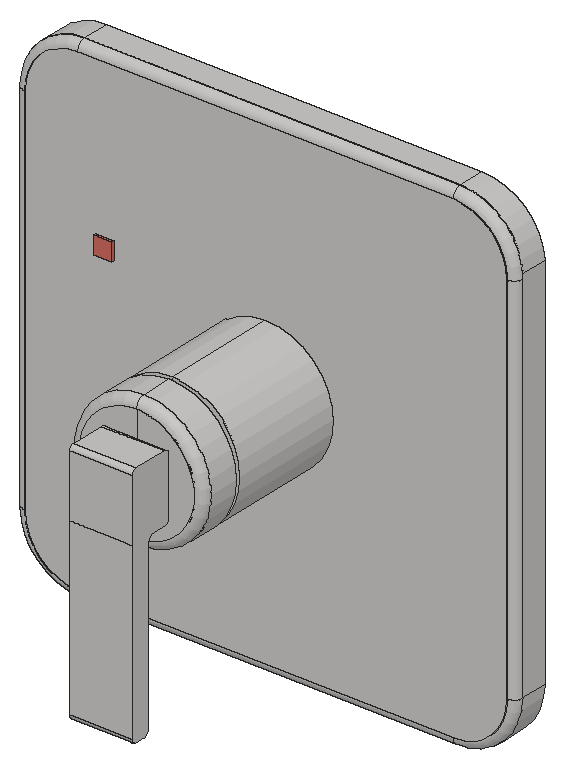
Revit family "CDCPT25003", category Plumbing Fixtures, Revit 2023
Family settings
  Round Connector Dimension = Use Diameter
  Part Type = Normal
  OmniClass Number = 23.45.00.00
  OmniClass Title = Sanitary, Laundry, and Cleaning Equipment
  Work Plane-Based = No
  Enable Cutting in Views = No
  Always vertical = Yes
  Cut with Voids When Loaded = No
  Maintain Annotation Orientation = No
  Shared = No
  Room Calculation Point = No
Parameters
  Default Elevation = 0"
Reference planes (in)
  plane 1 "Center (Front/Back)": y = 0
  plane 2: z = 0
  plane 3 "Center (Left/Right)": x = 0
  plane 4: z = 0
  plane 5: z = 7
  plane 6 "Center L/S": x = -3.5
  plane 7 "Center L/T": x = 3.5
  plane 8 "Center L/U": y = -3.375
  plane 9 "Center L/V": y = -0.5
  plane 10 "Center L/W": y = -2.75
  plane 11: z = 3.5
  plane 12: z = 4.4375
  plane 13: z = 2.5625
  plane 14: z = 3.96875
  plane 15: z = 3.03125
  plane 16: z = 0.53125
  plane 17: x = -0.4375
  plane 18: x = 0.4375
Forms (in)
  Extrusion 1, solid, material "stainless steel"
    sketch origin (0, 0, 0) x (1, 0, 0) y (0, 0, 1)
      loop
        line (2.625, 7) -> (-2.625, 7)
        arc (-2.625, 7) -> (-3.24372, 6.74372) -> (-3.5, 6.125) r 0.875
        line (-3.5, 6.125) -> (-3.5, 0.875)
        arc (-3.5, 0.875) -> (-3.24372, 0.25628) -> (-2.625, 0) r 0.875
        line (-2.625, 0) -> (2.62294, 0)
        arc (2.62294, 0) -> (3.24166, 0.25628) -> (3.49794, 0.875) r 0.875
        line (3.49794, 0.875) -> (3.49794, 6.18597)
        arc (3.49794, 6.18597) -> (3.22008, 6.76308) -> (2.625, 7) r 0.88199
    from 0 to 0.37706
  Revolve 2, solid, material "stainless steel"
    sketch origin (0, 0, 0) x (0, 1, 0) y (0, 0, 1)
      loop
        line (-0.50008, 3.5) -> (-0.50008, 4.4375) -> (-2.11787, 4.4375) -> (-2.11787, 4.24148) -> (-2.18905, 4.24148) -> (-2.18905, 4.4375) -> (-2.62083, 4.4375)
        arc (-2.62083, 4.4375) -> (-2.71217, 4.39967) -> (-2.75, 4.30833) r 0.12917
        line (-2.75, 4.30833) -> (-2.75, 3.5) -> (-0.50008, 3.5)
      axis (-2.75, 3.5) -> (-0.50008, 3.5)
    angle from 0 to 360
  Extrusion 3, solid, material "stainless steel"
    sketch origin (0, 0, 0) x (0, 1, 0) y (0, 0, 1)
      loop
        line (-2.81542, 3.96875) -> (-3.30958, 3.96875)
        arc (-3.30958, 3.96875) -> (-3.35584, 3.94959) -> (-3.375, 3.90333) r 0.06542
        line (-3.375, 3.90333) -> (-3.375, 3.03125) -> (-3.375, 0.59667)
        arc (-3.375, 0.59667) -> (-3.35584, 0.55041) -> (-3.30958, 0.53125) r 0.06542
        line (-3.30958, 0.53125) -> (-3.18025, 0.53125)
        arc (-3.18025, 0.53125) -> (-3.13399, 0.55041) -> (-3.11483, 0.59667) r 0.06542
        line (-3.11483, 0.59667) -> (-3.11483, 2.89532)
        arc (-3.11483, 2.89532) -> (-3.07502, 2.99144) -> (-2.9789, 3.03125) r 0.13593
        line (-2.9789, 3.03125) -> (-2.81542, 3.03125)
        arc (-2.81542, 3.03125) -> (-2.76916, 3.05041) -> (-2.75, 3.09667) r 0.06542
        line (-2.75, 3.09667) -> (-2.75, 3.90333)
        arc (-2.75, 3.90333) -> (-2.76916, 3.94959) -> (-2.81542, 3.96875) r 0.06542
    from -0.4375 to 0.4375
  Extrusion 4, solid, material "red"
    sketch origin (0, 0, 0) x (1, 0, 0) y (0, 0, 1)
      loop
        line (-2.37739, 4.4375) -> (-2.12739, 4.4375) -> (-2.12739, 4.6875) -> (-2.37739, 4.6875) -> (-2.37739, 4.4375)
    from 0 to 0.52891
  Extrusion 5, solid, material "blue"
    sketch origin (0, 0, 7) x (1, 0, 0) y (0, 0, 1)
      loop
        line (-2.37739, -4.4375) -> (-2.37739, -4.6875) -> (-2.12739, -4.6875) -> (-2.12739, -4.4375) -> (-2.37739, -4.4375)
    from 0 to 0.51929
  Extrusion 6, solid, material "stainless steel"
    sketch origin (0, -0.37706, 0) x (1, 0, 0) y (0, 0, 1)
      loop
        arc (-2.625, 6.875) -> (-3.15533, 6.65533) -> (-3.375, 6.125) r 0.75
        line (-3.375, 6.125) -> (-3.375, 0.875)
        arc (-3.375, 0.875) -> (-3.15533, 0.34467) -> (-2.625, 0.125) r 0.75
        line (-2.625, 0.125) -> (2.625, 0.125)
        arc (2.625, 0.125) -> (3.15533, 0.34467) -> (3.375, 0.875) r 0.75
        line (3.375, 0.875) -> (3.375, 6.125)
        arc (3.375, 6.125) -> (3.15533, 6.65533) -> (2.625, 6.875) r 0.75
        line (2.625, 6.875) -> (-2.625, 6.875)
    from 0 to 0.12294
  Sweep 7, solid, material "stainless steel"
    path origin (0, 0, 0) x (1, 0, 0) y (0, 0, 1)
      loop
        line (2.625, 6.875) -> (-2.625, 6.875)
        arc (-2.625, 6.875) -> (-3.15533, 6.65533) -> (-3.375, 6.125) r 0.75
        line (-3.375, 6.125) -> (-3.375, 0.875)
        arc (-3.375, 0.875) -> (-3.15533, 0.34467) -> (-2.625, 0.125) r 0.75
        line (-2.625, 0.125) -> (2.625, 0.125)
        arc (2.625, 0.125) -> (3.15533, 0.34467) -> (3.375, 0.875) r 0.75
        line (3.375, 0.875) -> (3.375, 6.125)
        arc (3.375, 6.125) -> (3.15533, 6.65533) -> (2.625, 6.875) r 0.75
    profile origin (0, 0, 6.875) x (0, 0, -1) y (0, -1, 0)
      loop
        line (-0.12294, 0.37706) -> (0, 0.37706) -> (0, 0.5)
        arc (0, 0.5) -> (-0.08693, 0.46399) -> (-0.12294, 0.37706) r 0.12294
Dimensions and locks (in)
  plane 8 "Center L/U" to Extrusion 1 = 3 3/8"
  plane 9 "Center L/V" to plane 1 "Center (Front/Back)" = 1/2"
  plane 10 "Center L/W" to plane 9 "Center L/V" = 2 1/4"
  plane 12 to plane 13 = 1 7/8"
  plane 14 to plane 16 = 3 7/16"
  plane 7 "Center L/T" to plane 6 "Center L/S" = 7"
  plane 5 to level = 7"
  plane 18 to plane 17 = 7/8"
  aligned and locked: level to plane 2
